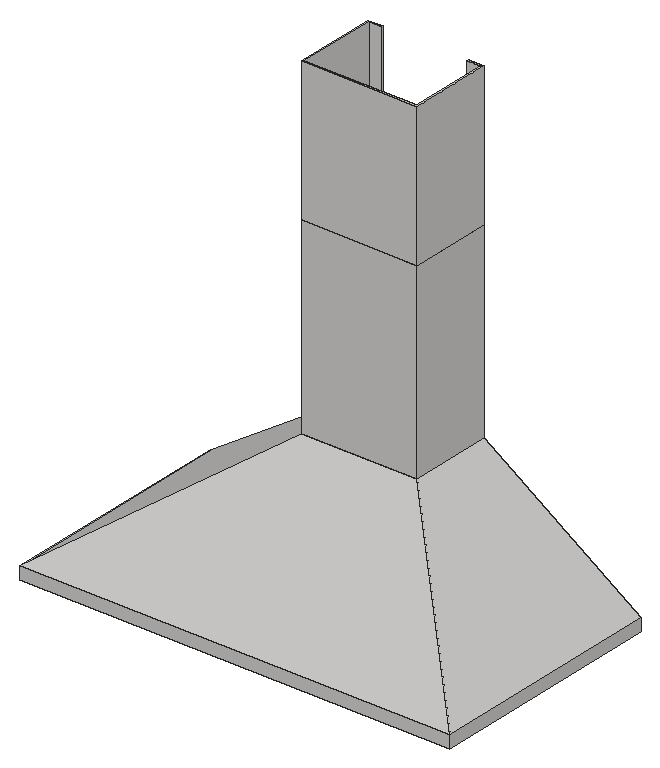
Revit family "Qf_Summit_SEH1536SS_36 inches Wide Wall-Mounted Range Hood", category Specialty Equipment, Revit 2020
Family settings
  Round Connector Dimension = Use Diameter
  Part Type = Normal
  Work Plane-Based = No
  Always vertical = Yes
  Cut with Voids When Loaded = No
  Shared = No
  Room Calculation Point = No
Parameters
  Weight in Pounds = 45
  Watts = FL Amps * Volts  # 299 W
  Volts = 115 V
  Ventilation Remarks = ""
  URL Cutsheet = ""
  Specification by User = ""
  Specification by Manufacturer = ""
  Show Clearance [instance] = yes
  Show Casters [instance] = yes
  Serial Number = ""
  Seismic Rating = ""
  SMACNA No = ""
  Revision Code = ""
  Phase = 1
  Number of Poles = 1
  NAFEM Spec ID Number = ""
  Model = "SEH1536SS"
  Min Ckt Ampacity = 0 A
  Max Overcurrent Protection = 0 A
  Masterspec = ""
  Manufacturer = "Summit"
  Length = 35 7/16"
  Item Number = ""
  Installed By = ""
  Identify Quantity as Lot = yes
  Height = 37 1/4"
  HP = ""
  Furnished By = ""
  Foodservice Equipment Identifier = yes
  FL Amps = 2.6 A
  Exhaust Volume = 200 CFM
  Exhaust Vent Width = 9 1/2"
  Exhaust Vent Diameter = 0"
  Exhaust Vent Depth = 6 7/8"
  Exhaust Static Press = 0.00 in-wg
  Exhaust RI Height = 0"
  Electrical Remarks = ""
  Electric Connection Type = ""
  Elec Conn RI Height = 0"
  Elec Conn Connection Height = 0"
  Description = "36\" Wide Wall-Mounted Range Hood"
  Depth = 19 11/16"
  Default Elevation = 0"
  Cycle = 60 Hz
  Conn Plug = ""
  Conn Conduit = yes
  CSI MasterFormat = ""
  Base Height [instance] = 3/4"
  Apparent Power = 828 VA
Reference planes (in)
  plane 1: z = 0
  plane 2 "LEFT": x = 0
  plane 3 "RIGHT": x = 35.4375
  plane 4 "FRONT": y = -20.4375
  plane 5 "TOP": z = 37.25
  plane 6 "Center Y": x = 17.71875
  plane 7 "Center X": y = -10.59375
  plane 8 "BACK": y = -0.75
  plane 9: z = 25.5
  plane 10: z = 9.75
  plane 11: y = -7.625
  plane 12: x = 12.96875
  plane 13: x = 22.46875
  plane 14: z = 1
Forms (in)
  Extrusion 1, solid, material "QF_Metal_Stainless_Polished"
    sketch origin (0, 0, 0) x (1, 0, 0) y (0, 1, 0)
      loop
        line (12.96875, -0.75) -> (12.96875, -7.625) -> (22.46875, -7.625) -> (22.46875, -0.75) -> (21.24024, -0.75) -> (21.24024, -0.875) -> (22.34375, -0.875) -> (22.34375, -7.5) -> (13.09375, -7.5) -> (13.09375, -0.875) -> (14.19726, -0.875) -> (14.19726, -0.75) -> (12.96875, -0.75)
    from 25.5 to 37.25
  Extrusion 2, solid, material "QF_Metal_Stainless_Polished"
    sketch origin (0, 0, 51) x (0, -1, 0) y (1, 0, 0)
      loop
        line (0.75, 12.96875) -> (7.625, 12.96875) -> (7.625, 22.46875) -> (0.75, 22.46875) -> (0.75, 12.96875)
    from -41.25 to -25.5
  Blend 3, solid, material "QF_Metal_Stainless_Polished"
    base sketch origin (0, 0, 0) x (1, 0, 0) y (0, 1, 0)
      loop
        line (0, -0.75) -> (0, -20.4375) -> (35.4375, -20.4375) -> (35.4375, -0.75) -> (0, -0.75)
    top sketch origin (0, 0, 0) x (1, 0, 0) y (0, 1, 0)
      loop
        line (12.96875, -0.75) -> (12.96875, -7.625) -> (22.46875, -7.625) -> (22.46875, -0.75) -> (12.96875, -0.75)
    from 1 to 9.75
  Extrusion 4, solid, material "QF_Metal_Stainless_Polished"
    sketch origin (0, 0, 0) x (1, 0, 0) y (0, 1, 0)
      loop
        line (0, -0.75) -> (0, -20.4375) -> (35.4375, -20.4375) -> (35.4375, -0.75) -> (0, -0.75)
      loop
        line (2, -18.4375) -> (33.4375, -18.4375) -> (33.4375, -2.75) -> (2, -2.75) -> (2, -18.4375)
      loop
        line (2.0625, -18.375) -> (33.375, -18.375) -> (33.375, -2.8125) -> (2.0625, -2.8125) -> (2.0625, -18.375)
      loop
        line (2.5625, -16.25) -> (7.59375, -16.25) -> (7.59375, -14.625) -> (12.34375, -14.625) -> (12.34375, -16.25) -> (17.375, -16.25) -> (17.375, -3.1875) -> (2.5625, -3.1875) -> (2.5625, -16.25)
      loop
        line (32.875, -16.25) -> (32.875, -3.1875) -> (18.0625, -3.1875) -> (18.0625, -16.25) -> (23.09375, -16.25) -> (23.09375, -14.625) -> (27.84375, -14.625) -> (27.84375, -16.25) -> (32.875, -16.25)
    from 0 to 1
  Extrusion 5, solid, material "QF_Metal_Stainless_Polished"
    sketch origin (12.96875, -0.75, 51) x (1, 0, 0) y (0, 0, -1)
      loop
        circle (4.75, 40.16486) r 0.25
    from 0 to 0.06876
  Extrusion 6, solid, material "QF_Plastic_White_Smooth"
    sketch origin (0, 0, 0) x (1, 0, 0) y (0, 1, 0)
      loop
        line (2.5625, -16.25) -> (7.59375, -16.25) -> (7.59375, -14.625) -> (12.34375, -14.625) -> (12.34375, -16.25) -> (17.375, -16.25) -> (17.375, -3.1875) -> (2.5625, -3.1875) -> (2.5625, -16.25)
      loop
        line (18.0625, -16.25) -> (23.09375, -16.25) -> (23.09375, -14.625) -> (27.84375, -14.625) -> (27.84375, -16.25) -> (32.875, -16.25) -> (32.875, -3.1875) -> (18.0625, -3.1875) -> (18.0625, -16.25)
    from 0 to 1
Cuts and joins
  joined: Extrusion 2, Extrusion 5
Lines and regions (in)
  Split face 1
    outline origin (0, 0, 0) x (1, 0, 0) y (0, 1, 0)
      loop
        line (15.39192, -16.89203) -> (15.39192, -17.89203) -> (19.89192, -17.89203) -> (19.89192, -16.89203) -> (15.39192, -16.89203)
  Split face 2
    outline origin (-7.5, 0, 0) x (1, 0, 0) y (0, 1, 0)
      loop
        line (15.89431, -15.07139) -> (15.89431, -16.07139) -> (18.89431, -16.07139) -> (18.89431, -15.07139) -> (15.89431, -15.07139)
  Split face 3
    outline origin (42.9375, 0, 0) x (0, 1, 0) y (-1, 0, 0)
      loop
        line (-15.07139, 15.89431) -> (-15.07139, 18.89431) -> (-16.07139, 18.89431) -> (-16.07139, 15.89431) -> (-15.07139, 15.89431)
  Split face 4
    outline origin (-7.5, 14, 0) x (1, 0, 0) y (0, 1, 0)
      loop
        spline (18.21875, -15.78008) -> (18.18468, -15.58597) -> (18.08478, -15.40508) -> (17.92586, -15.24975) -> (17.71875, -15.13056) -> (17.47757, -15.05564) -> (17.21875, -15.03008) -> (16.95993, -15.05564) -> (16.71875, -15.13056) -> (16.51164, -15.24975) -> (16.35272, -15.40508) -> (16.25282, -15.58597) -> (16.21875, -15.78008)
        spline (16.21875, -15.78008) -> (16.25282, -15.9742) -> (16.35272, -16.15508) -> (16.51164, -16.31041) -> (16.71875, -16.4296) -> (16.95993, -16.50453) -> (17.21875, -16.53008) -> (17.47757, -16.50453) -> (17.71875, -16.4296) -> (17.92586, -16.31041) -> (18.08478, -16.15508) -> (18.18468, -15.9742) -> (18.21875, -15.78008)
  Split face 5
    outline origin (42.9375, 14, 0) x (0, 1, 0) y (-1, 0, 0)
      loop
        spline (-15.78008, 18.21875) -> (-15.9742, 18.18468) -> (-16.15508, 18.08478) -> (-16.31041, 17.92586) -> (-16.4296, 17.71875) -> (-16.50453, 17.47757) -> (-16.53008, 17.21875) -> (-16.50453, 16.95993) -> (-16.4296, 16.71875) -> (-16.31041, 16.51164) -> (-16.15508, 16.35272) -> (-15.9742, 16.25282) -> (-15.78008, 16.21875)
        spline (-15.78008, 16.21875) -> (-15.58597, 16.25282) -> (-15.40508, 16.35272) -> (-15.24975, 16.51164) -> (-15.13056, 16.71875) -> (-15.05564, 16.95993) -> (-15.03008, 17.21875) -> (-15.05564, 17.47757) -> (-15.13056, 17.71875) -> (-15.24975, 17.92586) -> (-15.40508, 18.08478) -> (-15.58597, 18.18468) -> (-15.78008, 18.21875)
  symbolic lines, style "SpecialityEquipment"
    curve 1: line (0, -20.4375, 0) -> (0, -0.75, 0)
    curve 2: line (0, -0.75, 0) -> (35.4375, -0.75, 0)
    curve 3: line (35.4375, -0.75, 0) -> (35.4375, -20.4375, 0)
    curve 4: line (35.4375, -20.4375, 0) -> (0, -20.4375, 0)
    curve 5: line (0, -20.4375, 0) -> (12.96875, -7.625, 0)
    curve 6: line (35.4375, -20.4375, 0) -> (22.46875, -7.625, 0)
    curve 7: line (12.96875, -7.625, 0) -> (22.46875, -7.625, 0)
    curve 8: line (22.46875, -7.625, 0) -> (22.46875, -0.75, 0)
    curve 9: line (22.46875, -0.75, 0) -> (21.24024, -0.75, 0)
    curve 10: line (21.24024, -0.75, 0) -> (21.24024, -0.875, 0)
    curve 11: line (21.24024, -0.875, 0) -> (22.34375, -0.875, 0)
    curve 12: line (22.34375, -0.875, 0) -> (22.34375, -7.5, 0)
    curve 13: line (22.34375, -7.5, 0) -> (13.09375, -7.5, 0)
    curve 14: line (13.09375, -7.5, 0) -> (13.09375, -0.875, 0)
    curve 15: line (13.09375, -0.875, 0) -> (14.19726, -0.875, 0)
    curve 16: line (14.19726, -0.875, 0) -> (14.19726, -0.75, 0)
    curve 17: line (14.19726, -0.75, 0) -> (12.96875, -0.75, 0)
    curve 18: line (12.96875, -0.75, 0) -> (12.96875, -7.625, 0)
Dimensions and locks (in)
  equal spacing: plane 2 "LEFT", plane 6 "Center Y", plane 3 "RIGHT"
  "Length": plane 2 "LEFT" to plane 3 "RIGHT"
  equal spacing: plane 4 "FRONT", plane 7 "Center X", plane 8 "BACK"
  "Height": plane 5 "TOP" to level
  plane 3 "RIGHT" to plane 2 "LEFT" = 35 7/16"
  plane 5 "TOP" to level = 37 1/4"
  "Depth": plane 4 "FRONT" to plane 8 "BACK"
  plane 9 to plane 10 to level = 15 3/4", 9 3/4"
  plane 8 "BACK" to plane 11 = 6 7/8"
  plane 12 to plane 13 = 9 1/2"
  locked: plane 14 to level at 1
  plane 12 to plane 6 "Center Y" to plane 13 = 4 3/4" locked, 4 3/4" locked
  aligned and locked: level to plane 1
  aligned and locked: plane 5 "TOP" to Extrusion 1
  aligned and locked: Extrusion 1 to plane 9
  aligned and locked: Extrusion 2 to plane 10
  aligned and locked: plane 9 to Extrusion 2
  aligned and locked: Extrusion 4 to Blend 3
  aligned and locked: plane 10 to Blend 3
  aligned and locked: Extrusion 6 to plane 14
Automatic sketch dimensions
  curve 1 to plane 2 "LEFT" = 0"
  curve 7 to plane 11 = 0"
  curve 7 to plane 12 = 0"
  plane 8 "BACK" to curve 16 = 0"
  plane 8 "BACK" to curve 9 = 0"
  curve 9 to plane 13 = 0"
  curve 4 to plane 3 "RIGHT" = 0"
  plane 4 "FRONT" to curve 1 = 0"
  plane 8 "BACK" to curve 2 = 0"
  curve 14 to plane 12 = 1/8"
  plane 8 "BACK" to curve 16 = 1/8"
  curve 14 to curve 16 = 1.10351"
  curve 9 to plane 13 = 1.22851"
  curve 12 to plane 13 = 1/8"
  plane 11 to curve 12 = 1/8"
  plane 8 "BACK" to curve 10 = 1/8"
  Extrusion 1 sketch curve to plane 11 = 0"
  Extrusion 1 sketch curve to plane 12 = 0"
  plane 8 "BACK" to Extrusion 1 sketch curve = 0"  (x2)
  Extrusion 1 sketch curve to plane 13 = 0"
  Extrusion 1 sketch curve to plane 12 = 1/8"
  plane 8 "BACK" to Extrusion 1 sketch curve = 1/8"  (x2)
  Extrusion 1 sketch curve to Extrusion 1 sketch curve = 1.10351"
  Extrusion 1 sketch curve to plane 13 = 1.22851"
  Extrusion 1 sketch curve to plane 13 = 1/8"
  plane 11 to Extrusion 1 sketch curve = 1/8"
  plane 8 "BACK" to Extrusion 2 sketch curve = 0"
  Extrusion 2 sketch curve to plane 11 = 0"
  Extrusion 2 sketch curve to plane 12 = 0"
  Extrusion 2 sketch curve to plane 13 = 0"
  Blend 3 sketch curve to plane 2 "LEFT" = 0"
  Blend 3 sketch curve to plane 3 "RIGHT" = 0"
  plane 4 "FRONT" to Blend 3 sketch curve = 0"
  plane 8 "BACK" to Blend 3 sketch curve = 0"  (x2)
  Blend 3 sketch curve to plane 11 = 0"
  Blend 3 sketch curve to plane 12 = 0"
  Blend 3 sketch curve to plane 13 = 0"
  Extrusion 4 sketch curve to plane 2 "LEFT" = 0"
  Extrusion 4 sketch curve to plane 3 "RIGHT" = 0"
  plane 4 "FRONT" to Extrusion 4 sketch curve = 0"
  plane 8 "BACK" to Extrusion 4 sketch curve = 0"
  plane 2 "LEFT" to Extrusion 4 sketch curve = 2"
  Extrusion 4 sketch curve to Extrusion 4 sketch curve = 1/16"  (x4)
  Extrusion 4 sketch curve to Extrusion 4 sketch curve = 1/2"
  Extrusion 4 sketch curve to Extrusion 4 sketch curve = 5 1/32"
  plane 12 to Extrusion 4 sketch curve = 5/8"
  Extrusion 4 sketch curve to plane 6 "Center Y" = 11/32"
  plane 6 "Center Y" to Extrusion 4 sketch curve = 11/32"
  plane 13 to Extrusion 4 sketch curve = 5/8"
  Extrusion 4 sketch curve to Extrusion 4 sketch curve = 4 3/4"
  plane 3 "RIGHT" to Extrusion 4 sketch curve = 2 9/16"
  plane 3 "RIGHT" to Extrusion 4 sketch curve = 2 1/16"
  Extrusion 4 sketch curve to plane 4 "FRONT" = 2"
  Extrusion 4 sketch curve to plane 4 "FRONT" = 4 3/16"  (x4)
  Extrusion 4 sketch curve to Extrusion 4 sketch curve = 1 5/8"  (x2)
  plane 8 "BACK" to Extrusion 4 sketch curve = 2 7/16"
  Extrusion 4 sketch curve to Extrusion 4 sketch curve = 0"
  Extrusion 4 sketch curve to Extrusion 4 sketch curve = 3/8"
  Extrusion 2 to Extrusion 5 sketch curve = 1.08514"
  Extrusion 5 sketch curve to Extrusion 2 = 4 3/4"
  plane 2 "LEFT" to Extrusion 6 sketch curve = 2 9/16"
  Extrusion 6 sketch curve to Extrusion 6 sketch curve = 5 1/32"
  plane 12 to Extrusion 6 sketch curve = 5/8"
  Extrusion 6 sketch curve to plane 6 "Center Y" = 11/32"
  plane 6 "Center Y" to Extrusion 6 sketch curve = 11/32"
  plane 13 to Extrusion 6 sketch curve = 5/8"
  Extrusion 6 sketch curve to Extrusion 6 sketch curve = 4 3/4"
  plane 3 "RIGHT" to Extrusion 6 sketch curve = 2 9/16"
  Extrusion 6 sketch curve to plane 4 "FRONT" = 4 3/16"  (x3)
  Extrusion 6 sketch curve to Extrusion 6 sketch curve = 0"
  Extrusion 6 sketch curve to Extrusion 6 sketch curve = 1 5/8"  (x2)
  plane 8 "BACK" to Extrusion 6 sketch curve = 2 7/16"  (x2)
  Split face 1 sketch curve to Extrusion 4 = 0.48297"
  Extrusion 4 to Split face 1 sketch curve = 1.98308"
  Extrusion 4 to Split face 1 sketch curve = 1.82942"
  Split face 1 sketch curve to Extrusion 4 = 0.64203"
  Extrusion 4 to Split face 2 sketch curve = 0.17861"
  Split face 2 sketch curve to Extrusion 4 = 0.80056"
  Split face 2 sketch curve to Extrusion 4 = 0.94944"
  Split face 2 sketch curve to Extrusion 4 = 0.44639"
  Extrusion 4 to Split face 3 sketch curve = 0.17861"
  Split face 3 sketch curve to Extrusion 4 = 0.44639"
  Split face 3 sketch curve to Extrusion 4 = 0.80056"
  Split face 3 sketch curve to Extrusion 4 = 0.94944"
  Split face 4 sketch curve to Extrusion 4 = 0.96992"
  Split face 4 sketch curve to Extrusion 4 = 2 1/8"
  Split face 4 sketch curve to Split face 4 sketch curve = 1"
  Split face 5 sketch curve to Extrusion 4 = 0.96992"
  Split face 5 sketch curve to Extrusion 4 = 2 1/8"
  Split face 5 sketch curve to Split face 5 sketch curve = 1"
  radius of Extrusion 5 sketch curve = 1/4"
Connectors (in)
  electrical at (17.71875, -0.68124, 10.83514), driven by "Volts", driven by "Apparent Power"
    settings: on cut or joined group of Extrusion 2, Extrusion 5, index 1, voltage 115 V, apparent load 828 VA, apparent load phase1 0 VA, apparent load phase2 0 VA, apparent load phase3 0 VA, power factor 1, load classification "Other", number of poles 1, system type 30, power factor state 1, is connector primary yes, connector utility no, sub classification motor no, connector description "Electrical Inlet"
  hvac at (17.71875, -3.0625, 37.25)
    settings: on Extrusion 1, index 2, duct flow 0 CFM, flow factor 0, pres drop 0.00 in-wg, loss coef 0, conn angle 0.00°, conn width 9 1/2", conn height 6 7/8", conn diameter 24", duct sys type 3, conn prof type 1, flow config 1, flow direction 2, loss method 0, conn ref index -1, conn util no, is conn primary yes, conn desc ""
